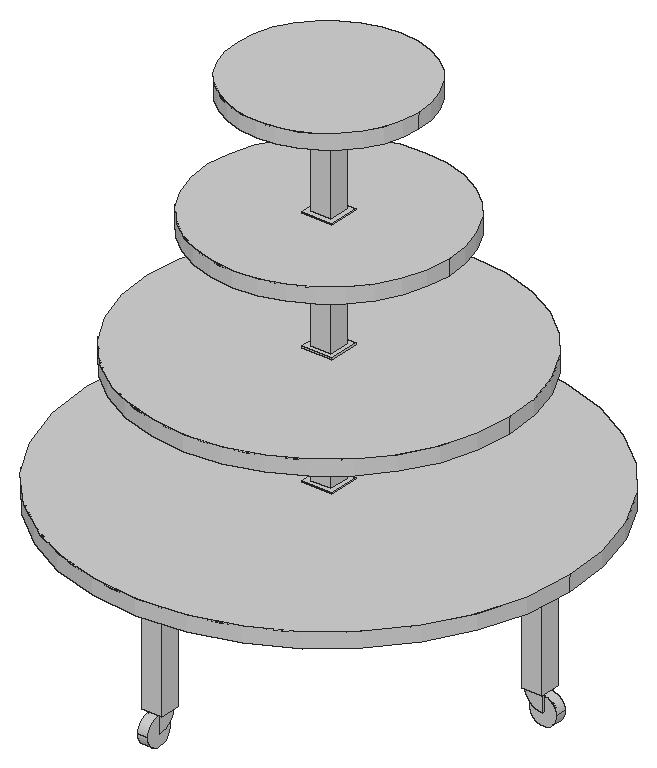
Revit family "RT", category Specialty Equipment, Revit 2012
Parameters (values of type "4-Tier Round Table (Default)")
  URL = "http://madixinc.com/display/freestanding.html"
  Model = "4-Tier Round Table"
  Manufacturer = "© 2012 Madix, Inc. All rights reserved."
Reference planes (in)
  plane 1 "Center (Front/Back)": y = 0
  plane 2: z = 0
  plane 3 "Center (Left/Right)": x = 0
  plane 4: z = 50
  plane 5: z = 14
  plane 6: z = 26
  plane 7: z = 38
  plane 8: z = 12.5
  plane 9: z = 24.5
  plane 10: z = 36.5
  plane 11: z = 48.5
  plane 12: z = 38.125
  plane 13: z = 26.125
  plane 14: z = 14.125
  plane 15: y = 0.0625
  plane 16: y = -0.0625
  plane 17: x = -0.0625
  plane 18: x = 0.0625
  plane 19: z = 3
  plane 20: y = 0.5
  plane 21: y = 0.625
  plane 22: y = -0.5
  plane 23: y = -0.625
Forms (in)
  Extrusion 1, solid, material "Metal - Steel"
    sketch origin (0, 0, 0) x (1, 0, 0) y (0, 1, 0)
      loop
        circle (0, 0) r 24
    from 12.5 to 14
  Extrusion 2, solid, material "Metal - Steel"
    sketch origin (0, 0, 0) x (1, 0, 0) y (0, 1, 0)
      loop
        circle (0, 0) r 18
    from 24.5 to 26
  Extrusion 3, solid, material "Metal - Steel"
    sketch origin (0, 0, 0) x (1, 0, 0) y (0, 1, 0)
      loop
        circle (0, 0) r 12
    from 36.5 to 38
  Extrusion 4, solid, material "Metal - Steel"
    sketch origin (0, 0, 0) x (1, 0, 0) y (0, 1, 0)
      loop
        circle (0, 0) r 9
    from 48.5 to 50
  Extrusion 5, solid, material "Metal - Steel"
    sketch origin (0, 0, 0) x (1, 0, 0) y (0, 1, 0)
      loop
        line (-1.5, 1.5) -> (-1.5, -1.5) -> (1.5, -1.5) -> (1.5, 1.5) -> (-1.5, 1.5)
    from 14 to 14.125
  Extrusion 6, solid, material "Metal - Steel"
    sketch origin (0, 0, 0) x (1, 0, 0) y (0, 1, 0)
      loop
        line (-1.5, 1.5) -> (-1.5, -1.5) -> (1.5, -1.5) -> (1.5, 1.5) -> (-1.5, 1.5)
    from 26 to 26.125
  Extrusion 7, solid, material "Metal - Steel"
    sketch origin (0, 0, 0) x (1, 0, 0) y (0, 1, 0)
      loop
        line (-1.5, 1.5) -> (-1.5, -1.5) -> (1.5, -1.5) -> (1.5, 1.5) -> (-1.5, 1.5)
    from 38 to 38.125
  Extrusion 8, solid, material "Metal - Steel"
    sketch origin (0, 0, 0) x (1, 0, 0) y (0, 1, 0)
      loop
        line (-1, 1) -> (-1, -1) -> (1, -1) -> (1, 1) -> (-1, 1)
    from 38.125 to 48.5
  Extrusion 9, solid, material "Metal - Steel"
    sketch origin (0, 0, 0) x (1, 0, 0) y (0, 1, 0)
      loop
        line (-1, 1) -> (-1, -1) -> (1, -1) -> (1, 1) -> (-1, 1)
    from 14.125 to 24.5
  Extrusion 10, solid, material "Metal - Steel"
    sketch origin (0, 0, 0) x (1, 0, 0) y (0, 1, 0)
      loop
        line (-1, 1) -> (-1, -1) -> (1, -1) -> (1, 1) -> (-1, 1)
    from 26.125 to 36.5
  Extrusion 11, solid, material "Metal - Steel"
    sketch origin (0, 0, 0) x (1, 0, 0) y (0, 0, 1)
      loop
        line (-1, 36.5) -> (-5, 36.5) -> (-1, 35) -> (-1, 36.5)
      loop
        line (1, 36.5) -> (1, 35) -> (5, 36.5) -> (1, 36.5)
      loop
        line (-1, 48.5) -> (-5, 48.5) -> (-1, 47) -> (-1, 48.5)
      loop
        line (1, 48.5) -> (1, 47) -> (5, 48.5) -> (1, 48.5)
      loop
        line (-1, 24.5) -> (-5, 24.5) -> (-1, 23) -> (-1, 24.5)
      loop
        line (1, 24.5) -> (1, 23) -> (5, 24.5) -> (1, 24.5)
    from -0.0625 to 0.0625
  Extrusion 12, solid, material "Metal - Steel"
    sketch origin (0, 0, 0) x (0, -1, 0) y (0, 0, 1)
      loop
        line (-1, 36.5) -> (-5, 36.5) -> (-1, 35) -> (-1, 36.5)
      loop
        line (1, 36.5) -> (1, 35) -> (5, 36.5) -> (1, 36.5)
      loop
        line (-1, 48.5) -> (-5, 48.5) -> (-1, 47) -> (-1, 48.5)
      loop
        line (1, 48.5) -> (1, 47) -> (5, 48.5) -> (1, 48.5)
      loop
        line (-1, 24.5) -> (-5, 24.5) -> (-1, 23) -> (-1, 24.5)
      loop
        line (1, 24.5) -> (1, 23) -> (5, 24.5) -> (1, 24.5)
    from -0.0625 to 0.0625
  Extrusion 13, solid, material "Metal - Steel"
    sketch origin (0, 0, 0) x (1, 0, 0) y (0, 1, 0)
      loop
        line (-1, 22) -> (-1, 20) -> (1, 20) -> (1, 22) -> (-1, 22)
      loop
        line (-22, 1) -> (-22, -1) -> (-20, -1) -> (-20, 1) -> (-22, 1)
      loop
        line (22, 1) -> (20, 1) -> (20, -1) -> (22, -1) -> (22, 1)
      loop
        line (-1, -22) -> (1, -22) -> (1, -20) -> (-1, -20) -> (-1, -22)
    from 3 to 12.5
  Extrusion 14, solid, material "Metal - Steel"
    sketch origin (-0.75, 0, 0) x (1, 0, 0) y (0, 0, 1)
      loop
        circle (-21, 1.375) r 1.375
    from -0.5 to 0.5
  Extrusion 15, solid, material "Metal - Steel"
    sketch origin (-0.75, 0, 0) x (1, 0, 0) y (0, 0, 1)
      loop
        arc (-21, 1.25) -> (-19.76256, 1.76256) -> (-19.25, 3) r 1.75
        line (-19.25, 3) -> (-21, 3) -> (-21, 1.25)
      loop
        line (22.5, 1.25) -> (22.5, 3) -> (20.75, 3)
        arc (20.75, 3) -> (21.26256, 1.76256) -> (22.5, 1.25) r 1.75
    from 0.5 to 0.625
  Extrusion 16, solid, material "Metal - Steel"
    sketch origin (0.75, 0, 0) x (-1, 0, 0) y (0, 0, -1)
      loop
        circle (-21, -1.375) r 1.375
    from -0.5 to 0.5
  Extrusion 17, solid, material "Metal - Steel"
    sketch origin (-0.75, 0, 0) x (1, 0, 0) y (0, 0, -1)
      loop
        line (-21, -1.25) -> (-21, -3) -> (-19.25, -3)
        arc (-19.25, -3) -> (-19.76256, -1.76256) -> (-21, -1.25) r 1.75
      loop
        arc (22.5, -1.25) -> (21.26256, -1.76256) -> (20.75, -3) r 1.75
        line (20.75, -3) -> (22.5, -3) -> (22.5, -1.25)
    from 0.5 to 0.625
  Extrusion 18, solid, material "Metal - Steel"
    sketch origin (0, 0.75, 0) x (0, -1, 0) y (0, 0, 1)
      loop
        circle (-21, 1.375) r 1.375
    from -0.5 to 0.5
  Extrusion 19, solid, material "Metal - Steel"
    sketch origin (0, 0.75, 0) x (0, -1, 0) y (0, 0, 1)
      loop
        arc (-21, 1.25) -> (-19.76256, 1.76256) -> (-19.25, 3) r 1.75
        line (-19.25, 3) -> (-21, 3) -> (-21, 1.25)
      loop
        line (22.5, 1.25) -> (22.5, 3) -> (20.75, 3)
        arc (20.75, 3) -> (21.26256, 1.76256) -> (22.5, 1.25) r 1.75
    from 0.5 to 0.625
  Extrusion 20, solid, material "Metal - Steel"
    sketch origin (0, -0.75, 0) x (0, 1, 0) y (0, 0, -1)
      loop
        circle (-21, -1.375) r 1.375
    from -0.5 to 0.5
  Extrusion 21, solid, material "Metal - Steel"
    sketch origin (0, 0.75, 0) x (0, -1, 0) y (0, 0, -1)
      loop
        line (-21, -1.25) -> (-21, -3) -> (-19.25, -3)
        arc (-19.25, -3) -> (-19.76256, -1.76256) -> (-21, -1.25) r 1.75
      loop
        arc (22.5, -1.25) -> (21.26256, -1.76256) -> (20.75, -3) r 1.75
        line (20.75, -3) -> (22.5, -3) -> (22.5, -1.25)
    from 0.5 to 0.625
Dimensions and locks (in)
  aligned and locked: level to plane 2
